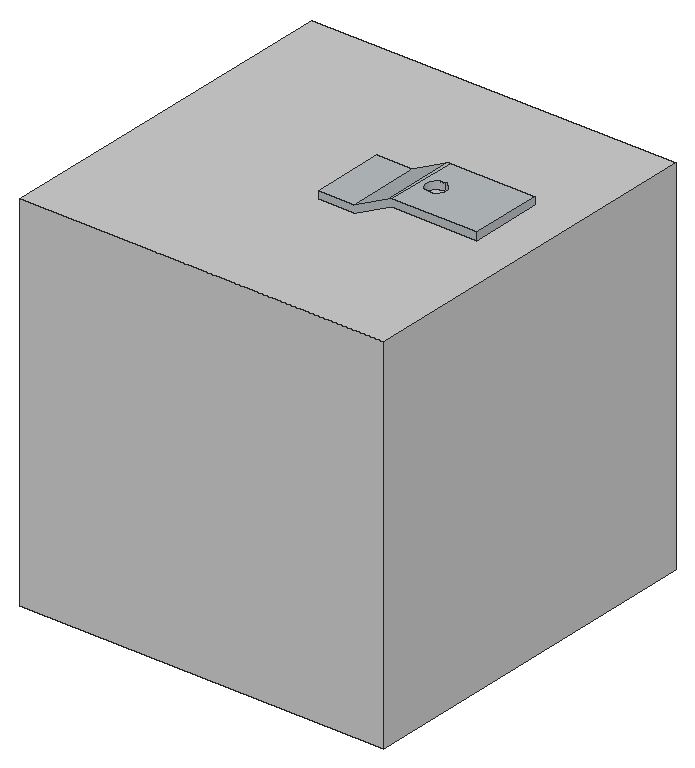
Revit family "REC-CH156196", category Structural Connections, host Face, Revit 2024
Family settings
  Host = Face
  Material for Model Behavior = Steel
  Enable Cutting in Views = Yes
  Cut with Voids When Loaded = Yes
  Shared = No
Parameters (values of type "CH156196")
  Visible = yes
  URL_Product_(Producto) = ""
  URL_DataSheet_(FichaTecnica) = ""
  URL_CE_Marking_(MarcadoCE) = ""
  Type IFC Predefined Type = "Brackets"
  Type Comments = ""
  URL = "https://recense.com/"
  Model = "CH156196"
  Manufacturer = "RECENSE"
  Keynote_ESP = "Anclaje antivuelco para fijación de paneles a perfiles de estructura metálica."
  Keynote = "Anti-tip anchor for fixing panels to metal structure profiles."
  IFCExportType = Classification.Uniclass.Pr.Description  # "Carbon steel anchor plates"
  IFCExportAs = "IfcElementAssembly"
  Fecha de Creacion: = "01/03/2024"
  Fecha Ultima Revision: = "01/03/2024"
  Export Type to IFC As = "IfcElementAssembly"
  Description_ESP = "Pletina 15/6196 suj. perfil UPN (Sep. 15mm)."
  Description = "UPN profile clamp 15/6196 (15mm spacing)."
  Default Elevation = 0.0 mm
  Creado por: = "Deliprogal SL"
  Cost = 0
  Classification.Uniclass.Ss.Number = ""
  Classification.Uniclass.Ss.Description = ""
  Classification.Uniclass.Pr.Number = "Pr_20_29_03_10"
  Classification.Uniclass.Pr.Description = "Carbon steel anchor plates"
  Classification.Uniclass.EF.Number = ""
  Classification.Uniclass.EF.Description = ""
  Classification.Space.Number = ""
  Classification.Space.Description = ""
  Classification.Facility.Number = ""
  Classification.Facility.Description = ""
  Assembly Code = ""
Reference planes
  plane 1 "Center (Front/Back)": y = 0
  plane 2: z = 0
  plane 3 "Center (Left/Right)": x = 0
Forms (mm)
  Extrusion 1, solid, material "REC_Base"
    sketch origin (0, -719.2, 0) x (1, 0, 0) y (0, 1, 0)
      loop
        line (-150, 869.2) -> (-150, 569.2) -> (150, 569.2) -> (150, 869.2) -> (-150, 869.2)
    from 0 to -300
  Extrusion 2, solid, material "REC_Acero, S 275JR (Zincado)"
    sketch origin (0, 30, 0) x (1, 0, 0) y (0, 0, 1)
      loop
        line (29.026, 6) -> (0, 6) -> (0, 0) -> (28.54, 0)
        arc (28.54, 0) -> (29.981, 0.116) -> (31.386, 0.462) r 9
        line (31.386, 0.462) -> (60, 15) -> (130, 15) -> (130, 21) -> (60.487, 21)
        arc (60.487, 21) -> (59.045, 20.884) -> (57.641, 20.538) r 9
        line (57.641, 20.538) -> (29.026, 6)
    from 0 to 60
  Extrusion 3, void
    sketch origin (60.487, 30, 15) x (-1, 0, 0) y (0, -1, 0)
      loop
        circle (-12.513, 30) r 8.25
    from 0 to 6
Cuts and joins
  Extrusion 3 cuts Extrusion 2
Dimensions and locks
  cut or joined group of Extrusion 2, Extrusion 3 to Extrusion 1 = 15.0 mm
  aligned and locked: plane 2 to Extrusion 1
  aligned and locked: level to Extrusion 1
